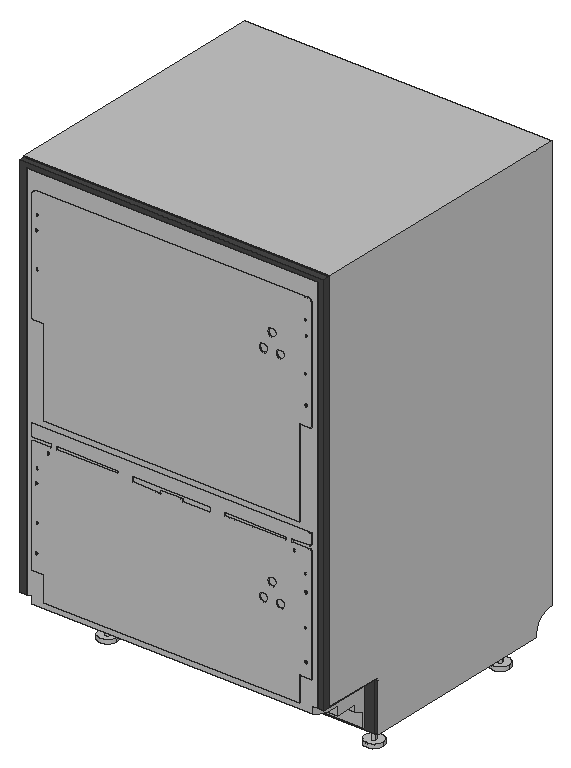
Revit family "FP_Revit_18_DD60DTX6HI1_DishDrawer_90001207A", category Specialty Equipment, Revit 2018
Family settings
  Round Connector Dimension = Use Diameter
  Part Type = Normal
  OmniClass Number = 23.40.40.14.31
  OmniClass Title = Cleaning and Disposal Equipment
  Work Plane-Based = No
  Always vertical = Yes
  Cut with Voids When Loaded = Yes
  Shared = No
  Room Calculation Point = No
Parameters (values of type "DD60DTX6I1")
  Visibility - Toe Kick = no
  Visibility - Door Panel = no
  Visibility - Clearance Required = yes
  URL = "www.fisherpaykel.com"
  Toe Kick - Recess (40mm - 100mm) [instance] = 100 mm
  Product - Width = 599 mm  # constant formula
  Product - Height (864mm - 924mm) [instance] = 900 mm
  Product - Depth = 571 mm  # constant formula
  Panel - Depth [instance] = 18 mm
  Model = "DD60DTX6I1"
  Material - Trim = Fisher & Paykel - Black
  Material - Toe Kick = Fisher & Paykel - Stainless Steel
  Material - Front = Fisher & Paykel - Stainless Steel
  Material - Body = Fisher & Paykel - Grey
  Manufacturer = "Fisher & Paykel Appliances"
  Description = "60cm DishDrawer, Integrated"
  Connector Description - Water = "3/4” BSP (GB20) to suit flat washer"
  Connector Description - Sanitary = "Drain Hose, No Fitting Required"
  Connector Description - Electrical = "220-240 V, 50 Hz, min 8.5 A, fused electrical supply"
  Chassis - Height (855mm Tall or 811mm Std) = 855 mm  # constant formula
  Chassis - Depth = 553 mm  # constant formula
  Cavity - Width = 600 mm  # constant formula
  Cavity - Depth (excluding front panel) = 560 mm  # constant formula
Types (3, lengths in mm): name | Model
  (no name) | "DD60DTX6I1"
  DD60DTX6HI1 | "DD60DTX6HI1"
  DD60DTX6I1 | "DD60DTX6I1"
Reference planes
  plane 1 "Datum": y = 0
  plane 2: z = 0
  plane 3 "Center (Left/Right)": x = 0
  plane 4: z = 0
  plane 5 "Product LHS": x = -299.5
  plane 6 "Product RHS": x = 299.5
  plane 7 "Product - Depth": y = 553
  plane 8 "Cavity LHS": x = -300
  plane 9 "Cavity RHS": x = 300
  plane 10 "Cavity - Depth": y = 560
  plane 11 "Leg Height": z = 45
  plane 12 "Product - Height": z = 900
  plane 13 "Cavity - Height": z = 902
  plane 14 "Door Panel - Depth": y = -18
Forms (mm)
  Extrusion 1, solid, material "Fisher & Paykel - Grey" <- "Material - Body"
    sketch origin (0, 0, 0) x (0, 1, 0) y (0, 0, 1)
      loop
        line (12, 900) -> (12, 146.5) -> (118.15, 146.5)
        arc (118.15, 146.5) -> (125.221, 143.571) -> (128.15, 136.5) r 10
        line (128.15, 136.5) -> (128.15, 45) -> (510.35, 45) -> (510.35, 89.298) -> (553, 89.298) -> (553, 900) -> (12, 900)
    from -299.5 to 299.5
  Extrusion 2, solid, material "Fisher & Paykel - Grey" <- "Material - Body", detail levels fine
    sketch origin (0, 0, 0) x (1, 0, 0) y (0, 0, 1)
      loop
        line (-274, 846.4) -> (-274, 633.176)
        arc (-274, 633.176) -> (-272.536, 629.64) -> (-269, 628.176) r 5
        line (-269, 628.176) -> (-250, 628.176) -> (-250, 458) -> (250, 458) -> (250, 628.907) -> (269, 628.907)
        arc (269, 628.907) -> (272.536, 630.371) -> (274, 633.907) r 5
        line (274, 633.907) -> (274, 846.4)
        arc (274, 846.4) -> (271.071, 853.471) -> (264, 856.4) r 10
        line (264, 856.4) -> (-264, 856.4)
        arc (-264, 856.4) -> (-271.071, 853.471) -> (-274, 846.4) r 10
      loop
        line (-274, 446.676) -> (-274, 427.976)
        arc (-274, 427.976) -> (-272.536, 424.44) -> (-269, 422.976) r 5
        line (-269, 422.976) -> (-235, 422.976) -> (-235, 416.976) -> (-269, 416.976)
        arc (-269, 416.976) -> (-272.536, 415.512) -> (-274, 411.976) r 5
        line (-274, 411.976) -> (-274, 189.476) -> (-250, 189.476) -> (-250, 139.476) -> (250, 139.476) -> (250, 189.476) -> (274, 189.476) -> (274, 411.976)
        arc (274, 411.976) -> (272.536, 415.512) -> (269, 416.976) r 5
        line (269, 416.976) -> (235, 416.976) -> (235, 422.976) -> (269, 422.976)
        arc (269, 422.976) -> (272.536, 424.44) -> (274, 427.976) r 5
        line (274, 427.976) -> (274, 446.676) -> (-274, 446.676)
      loop
        circle (241, 404.875) r 2.5
      loop
        circle (196.5, 333.976) r 8
      loop
        circle (213, 300.976) r 8
      loop
        circle (180, 300.976) r 8
      loop
        circle (262.5, 275.976) r 2.017
      loop
        circle (263.5, 216.576) r 2.612
      loop
        circle (263.5, 338.976) r 2.718
      loop
        circle (262.5, 371.476) r 2
      loop
        circle (-241, 404.875) r 2.5
      loop
        circle (-262.5, 275.976) r 2.017
      loop
        circle (-263.5, 221.576) r 2.612
      loop
        circle (-263.5, 343.976) r 2.718
      loop
        circle (-262.5, 371.476) r 2
      loop
        circle (262.5, 815.676) r 1.941
      loop
        circle (263.5, 788.176) r 2.488
      loop
        circle (262.5, 720.907) r 2
      loop
        circle (263.5, 666.507) r 2.685
      loop
        circle (-262.5, 815.676) r 1.941
      loop
        circle (-263.5, 788.176) r 2.488
      loop
        circle (-262.5, 720.176) r 2
      loop
        line (103, 422.976) -> (103, 416.976) -> (225, 416.976) -> (225, 422.976) -> (103, 422.976)
      loop
        line (-77, 422.976) -> (-77, 411.976) -> (-21, 411.976) -> (-21, 416.976) -> (21, 416.976) -> (21, 411.976) -> (77, 411.976) -> (77, 422.976) -> (-77, 422.976)
      loop
        line (-103, 422.976) -> (-225, 422.976) -> (-225, 416.976) -> (-103, 416.976) -> (-103, 422.976)
      loop
        circle (196.5, 770.907) r 8
      loop
        circle (213, 737.907) r 8
      loop
        circle (180, 737.907) r 8
    from 0 to 0.8
  Extrusion 3, solid, material "Fisher & Paykel - Black" <- "Material - Trim"
    sketch origin (0, 0, 0) x (1, 0, 0) y (0, 0, 1)
      loop
        line (-297.5, 898.541) -> (-297.5, 142.404) -> (-283.999, 142.404) -> (-283.999, 890) -> (284, 890) -> (284, 142.404) -> (297.5, 142.404) -> (297.5, 898.541) -> (-297.5, 898.541)
    from -12 to 0
  Extrusion 4, solid, material "Fisher & Paykel - Grey" <- "Material - Body"
    sketch origin (0, -1.875, 0) x (1, 0, 0) y (0, 1, 0)
      loop
        circle (-260.6, 478.3) r 4
      loop
        circle (-260.6, 170.1) r 4
      loop
        circle (260.6, 478.3) r 4
      loop
        circle (260.6, 170.1) r 4
    from 7 to 45
  Extrusion 5, solid, material "Fisher & Paykel - Grey" <- "Material - Body"
    sketch origin (0, -1.875, 0) x (1, 0, 0) y (0, 1, 0)
      loop
        circle (-260.6, 170.1) r 17.816
      loop
        circle (-260.6, 478.3) r 17.816
      loop
        circle (260.6, 170.1) r 17.816
      loop
        circle (260.6, 478.3) r 17.816
    from 0 to 7
  Sweep 6, solid, material "Fisher & Paykel - Grey" <- "Material - Body", detail levels medium+fine
    path origin (0, 537.938, 0) x (1, 0, 0) y (0, 0, 1)
      loop
        line (-134.5, 89.298) -> (-134.5, 54.132)
        arc (-134.5, 54.132) -> (-140.358, 39.989) -> (-154.5, 34.132) r 20
        line (-154.5, 34.132) -> (-349.5, 34.132)
    profile origin (-134.5, 537.938, 71.715) x (0, -1, 0) y (1, 0, 0)
      loop
        circle (0, 0) r 9
  Sweep 7, solid, material "Fisher & Paykel - Grey" <- "Material - Body", detail levels medium+fine
    path origin (0, 537.938, 0) x (1, 0, 0) y (0, 0, 1)
      loop
        line (-189.5, 89.298) -> (-189.5, 73.507)
        arc (-189.5, 73.507) -> (-195.358, 59.364) -> (-209.5, 53.507) r 20
        line (-209.5, 53.507) -> (-349.5, 53.507)
    profile origin (-189.5, 537.938, 81.402) x (0, -1, 0) y (1, 0, 0)
      loop
        circle (0, 0) r 9
  Sweep 8, solid, material "Fisher & Paykel - Grey" <- "Material - Body", detail levels medium+fine
    path origin (0, 0, 0) x (1, 0, 0) y (0, 0, 1)
      loop
        line (-349.186, 53.851) -> (-218.186, 53.851)
        arc (-218.186, 53.851) -> (-204.044, 59.709) -> (-198.186, 73.851) r 20
        line (-198.186, 73.851) -> (-198.186, 89.298)
    profile origin (-198.186, 0, 81.575) x (-1, 0, 0) y (0, -1, 0)
      loop
        circle (0, -524.105) r 5
  Extrusion 9, solid, material "Fisher & Paykel - Clearance Required", visible <- "Visibility - Clearance Required", detail levels coarse
    sketch origin (0, 0, 0) x (0, 1, 0) y (0, 0, 1)
      loop
        line (-18, 0) -> (-18, 449.976) -> (-545, 449.976) -> (-545, 380.976) -> (-586, 380.976) -> (-586, 364.973) -> (-545, 364.973) -> (-545, 0) -> (-18, 0)
      loop
        line (-18, 458) -> (-18, 900) -> (-545, 900) -> (-545, 831) -> (-586, 831) -> (-586, 814.997) -> (-545, 814.997) -> (-545, 458) -> (-18, 458)
    from -300 to 300
  Extrusion 10, solid, material "Fisher & Paykel - Clearance Required", visible <- "Visibility - Clearance Required", detail levels coarse
    sketch origin (0, 0, 0) x (1, 0, 0) y (0, 1, 0)
      loop
        line (300, 560) -> (-300, 560) -> (-300, -18) -> (300, -18) -> (300, 560)
    from 0 to 902
  Extrusion 11, void
    sketch origin (0, 0, 0) x (1, 0, 0) y (0, 1, 0)
      loop
        line (-300, -18) -> (300, -18) -> (300, 560) -> (-300, 560) -> (-300, -18)
    from 0 to 902
  Extrusion 12, solid, material "Fisher & Paykel - Grey" <- "Material - Body"
    sketch origin (0, 0, 0) x (1, 0, 0) y (0, 0, 1)
      loop
        line (-283.999, 890) -> (-283.999, 142.404) -> (284, 142.404) -> (284, 890) -> (-283.999, 890)
    from -12 to 0
  Extrusion 13, solid, material "Fisher & Paykel - Grey" <- "Material - Body"
    sketch origin (0, 0, 0) x (0, 1, 0) y (0, 0, 1)
      loop
        line (124.15, 50.492) -> (124.15, 142.404) -> (0, 142.404) -> (0, 129.265)
        arc (0, 129.265) -> (17.333, 121.771) -> (35.586, 116.932) r 126.919
        line (35.586, 116.932) -> (61.053, 116.932) -> (61.053, 99.582) -> (103.548, 99.582) -> (103.548, 88.084) -> (122.346, 77.363) -> (122.346, 50.492) -> (124.15, 50.492)
    from -275 to 275
  Extrusion 14, solid, material "Fisher & Paykel - Grey" <- "Material - Body", detail levels fine
    sketch origin (0, 0, 0) x (0, 1, 0) y (0, 0, 1)
      loop
        arc (545.956, 79.845) -> (549.529, 81.356) -> (550.933, 84.972) r 4.979
        line (550.933, 84.972) -> (550.933, 89.298) -> (510.35, 89.298) -> (510.35, 61.689) -> (530.184, 79.845) -> (545.956, 79.845)
    from -229.8 to -91.607
  Sweep 15, solid, material "Fisher & Paykel - Grey" <- "Material - Body", detail levels medium+fine
    path origin (0, 0, 0) x (1, 0, 0) y (0, 1, 0)
      loop
        line (-47.875, 510.35) -> (-47.875, 529.222)
        arc (-47.875, 529.222) -> (-52.269, 539.828) -> (-62.875, 544.222) r 15
        line (-62.875, 544.222) -> (-349.5, 544.222)
    profile origin (-47.875, 519.786, 0) x (-1, 0, 0) y (0, 0, 1)
      loop
        circle (0, 69.3) r 5
  Extrusion 16, solid, material "Fisher & Paykel - Black" <- "Material - Trim", detail levels fine
    sketch origin (0, 0, 0) x (0, 1, 0) y (0, 0, 1)
      loop
        line (128.15, 48.091) -> (128.15, 136.5)
        arc (128.15, 136.5) -> (125.221, 143.571) -> (118.15, 146.5) r 10
        line (118.15, 146.5) -> (12, 146.5) -> (12, 142.404) -> (124.15, 142.404) -> (124.15, 48.091) -> (128.15, 48.091)
    from -297.5 to 297.5
  Extrusion 17, solid, material "Fisher & Paykel - Grey" <- "Material - Body"
    sketch origin (0, 0, 0) x (0, 1, 0) y (0, 0, 1)
      loop
        line (510.35, 89.298) -> (510.35, 45) -> (514.35, 45)
        arc (514.35, 45) -> (525.48, 73.009) -> (553, 85.298) r 40
        line (553, 85.298) -> (553, 89.298) -> (510.35, 89.298)
    from 288.5 to 299.5
  Extrusion 18, solid, material "Fisher & Paykel - Grey" <- "Material - Body"
    sketch origin (0, 0, 0) x (0, 1, 0) y (0, 0, -1)
      loop
        line (510.35, -89.298) -> (553, -89.298) -> (553, -85.298)
        arc (553, -85.298) -> (525.48, -73.009) -> (514.35, -45) r 40
        line (514.35, -45) -> (510.35, -45) -> (510.35, -89.298)
    from 288.5 to 299.5
  Extrusion 19, solid, material "Fisher & Paykel - Stainless Steel" <- "Material - Front", visible <- "Visibility - Door Panel", detail levels fine
    sketch origin (0, 0, 0) x (1, 0, 0) y (0, 0, 1)
      loop
        line (-298, 900) -> (-298, 458) -> (298, 458) -> (298, 900) -> (-298, 900)
      loop
        line (-298, 449.976) -> (-298, 138.976) -> (298, 138.976) -> (298, 449.976) -> (-298, 449.976)
    from 0.8 to 18
  Extrusion 20, solid, material "Fisher & Paykel - Grey", visible <- "Visibility - Toe Kick"
    sketch origin (0, 0, 0) x (0, 1, 0) y (0, 0, 1)
      loop
        line (100, 12) -> (100, 116.932) -> (82, 116.932) -> (82, 12) -> (100, 12)
    from -297.5 to 297.5
Cuts and joins
  joined: Extrusion 1, Extrusion 17, Extrusion 18
  joined: Extrusion 12, Extrusion 13
Text (mm)
  text "Due to ongoing product development, product details are subject to change without notice. \nPlease always refer to www.fisherpaykel.com for the most current product information. \n© Fisher & Paykel 2020" at (41.04, -690.05, 0), in view "Ref. Level (Plan)"
Dimensions and locks
  equal spacing: plane 5 "Product LHS", plane 3 "Center (Left/Right)", plane 6 "Product RHS"
  "Product - Width": plane 5 "Product LHS" to plane 6 "Product RHS"
  "Chassis - Depth": plane 1 "Datum" to plane 7 "Product - Depth"
  equal spacing: plane 8 "Cavity LHS", plane 3 "Center (Left/Right)", plane 9 "Cavity RHS"
  "Cavity - Width": plane 8 "Cavity LHS" to plane 9 "Cavity RHS"
  Extrusion 1 sketch curve to Extrusion 1 sketch curve = 855 mm
  Extrusion 2 sketch curve to plane 11 "Leg Height" = 401.676 mm
  "Chassis - Height (855mm Tall or 811mm Std)": plane 12 "Product - Height" to plane 11 "Leg Height"
  Extrusion 2 sketch curve to plane 11 "Leg Height" = 583.176 mm
  locked: plane 12 "Product - Height" to Extrusion 2 sketch curve at 43.6
  "Product - Height (864mm - 924mm)": plane 12 "Product - Height" to level
  plane 12 "Product - Height" to Extrusion 2 = 43.6 mm
  Extrusion 2 to plane 11 "Leg Height" = 401.676 mm
  Extrusion 2 to plane 11 "Leg Height" = 413 mm
  locked: plane 13 "Cavity - Height" to plane 12 "Product - Height" at 2
  "Panel - Depth": plane 14 "Door Panel - Depth" to plane 1 "Datum"
  plane 14 "Door Panel - Depth" to plane 7 "Product - Depth" = 571 mm
  locked: plane 11 "Leg Height" to Sweep 15 sketch curve at 24.3
  equal spacing: Extrusion 19 sketch curve, plane 3 "Center (Left/Right)", Extrusion 19 sketch curve
  locked: Extrusion 19 sketch curve to Extrusion 19 sketch curve at 442
  locked: Extrusion 19 sketch curve to Extrusion 19 sketch curve at 311
  locked: Extrusion 19 sketch curve to Extrusion 19 sketch curve at 8.024
  locked: Extrusion 19 sketch curve to Extrusion 19 sketch curve at 596
  plane 12 "Product - Height" to Extrusion 19 sketch curve = 0 mm
  locked: plane 11 "Leg Height" to cut or joined group of Extrusion 12, Extrusion 13 at 71.932
  locked: Extrusion 9 to Extrusion 20 sketch curve at 12
  "Panel - Depth": Extrusion 20 to Extrusion 20
  "Toe Kick - Recess (40mm - 100mm)": plane 14 "Door Panel - Depth" to Extrusion 20
  "Cavity - Depth (excluding front panel)": plane 1 "Datum" to plane 10 "Cavity - Depth"
  aligned and locked: level to plane 2
  aligned and locked: Extrusion 1 sketch curve to plane 11 "Leg Height"
  aligned and locked: Extrusion 4 to Extrusion 5
  aligned and locked: plane 12 "Product - Height" to Extrusion 1
  aligned and locked: Extrusion 9 to plane 9 "Cavity RHS"
  aligned and locked: plane 8 "Cavity LHS" to Extrusion 9
  aligned and locked: Extrusion 10 sketch curve to plane 8 "Cavity LHS"
  aligned and locked: Extrusion 10 sketch curve to plane 9 "Cavity RHS"
  aligned and locked: plane 10 "Cavity - Depth" to Extrusion 10 sketch curve
  aligned and locked: Extrusion 4 to Extrusion 1
  aligned and locked: plane 13 "Cavity - Height" to Extrusion 11
  aligned and locked: Extrusion 9 to level
  aligned and locked: Extrusion 14 to Extrusion 1
  aligned and locked: Extrusion 17 sketch curve to Extrusion 1
  aligned and locked: cut or joined group of Extrusion 1, Extrusion 17, Extrusion 18 to Sweep 6 sketch curve
  aligned and locked: cut or joined group of Extrusion 1, Extrusion 17, Extrusion 18 to Sweep 7 sketch curve
  aligned and locked: Sweep 7 to Sweep 8 sketch curve
  aligned and locked: Extrusion 19 sketch curve to Extrusion 19 sketch curve  (x2)
  aligned and locked: Extrusion 19 to Extrusion 9  (x2)
  aligned and locked: Extrusion 11 to Extrusion 19
  aligned and locked: Extrusion 9 to Extrusion 2
  aligned and locked: Extrusion 9 to Extrusion 19
  aligned and locked: Extrusion 10 to Extrusion 9
  aligned and locked: Extrusion 11 to Extrusion 9
  aligned and locked: plane 14 "Door Panel - Depth" to Extrusion 19
  aligned and locked: plane 12 "Product - Height" to Extrusion 9
  aligned and locked: Extrusion 10 to Extrusion 11
Automatic sketch dimensions
  Extrusion 1 sketch curve to plane 7 "Product - Depth" = 0 mm
  Extrusion 1 sketch curve to plane 7 "Product - Depth" = 42.65 mm
  Extrusion 1 sketch curve to plane 1 "Datum" = 128.15 mm
  Extrusion 1 sketch curve to Extrusion 1 sketch curve = 10 mm
  Extrusion 1 sketch curve to plane 1 "Datum" = 12 mm
  Extrusion 1 sketch curve to plane 11 "Leg Height" = 44.298 mm
  Extrusion 1 sketch curve to plane 11 "Leg Height" = 91.5 mm
  Extrusion 2 sketch curve to plane 5 "Product LHS" = 25.5 mm  (x3)
  Extrusion 2 sketch curve to Extrusion 2 sketch curve = 5 mm  (x7)
  Extrusion 2 sketch curve to Extrusion 2 sketch curve = 10 mm  (x3)
  Extrusion 2 sketch curve to plane 5 "Product LHS" = 36 mm  (x2)
  Extrusion 2 sketch curve to Extrusion 2 sketch curve = 10.5 mm
  Extrusion 2 sketch curve to Extrusion 2 sketch curve = 1 mm  (x4)
  Extrusion 2 sketch curve to plane 5 "Product LHS" = 37 mm  (x2)
  Extrusion 2 sketch curve to Extrusion 2 sketch curve = 24 mm  (x2)
  Extrusion 2 sketch curve to plane 5 "Product LHS" = 49.5 mm
  Extrusion 2 sketch curve to Extrusion 2 sketch curve = 28 mm
  Extrusion 2 sketch curve to Extrusion 2 sketch curve = 6 mm  (x7)
  Extrusion 2 sketch curve to plane 3 "Center (Left/Right)" = 103 mm
  Extrusion 2 sketch curve to Extrusion 2 sketch curve = 26 mm  (x2)
  Extrusion 2 sketch curve to plane 3 "Center (Left/Right)" = 21 mm
  plane 3 "Center (Left/Right)" to Extrusion 2 sketch curve = 21 mm
  Extrusion 2 sketch curve to Extrusion 2 sketch curve = 56 mm
  plane 6 "Product RHS" to Extrusion 2 sketch curve = 119.5 mm  (x2)
  Extrusion 2 sketch curve to Extrusion 2 sketch curve = 16.5 mm  (x2)
  Extrusion 2 sketch curve to Extrusion 2 sketch curve = 33 mm  (x4)
  plane 6 "Product RHS" to Extrusion 2 sketch curve = 74.5 mm
  plane 6 "Product RHS" to Extrusion 2 sketch curve = 49.5 mm  (x2)
  plane 6 "Product RHS" to Extrusion 2 sketch curve = 37 mm  (x4)
  Extrusion 2 sketch curve to Extrusion 2 sketch curve = 13.5 mm
  plane 6 "Product RHS" to Extrusion 2 sketch curve = 36 mm
  Extrusion 2 sketch curve to Extrusion 2 sketch curve = 1.5 mm
  plane 6 "Product RHS" to Extrusion 2 sketch curve = 30.5 mm
  Extrusion 2 sketch curve to Extrusion 2 sketch curve = 19 mm
  Extrusion 2 sketch curve to Extrusion 2 sketch curve = 0 mm  (x6)
  Extrusion 2 sketch curve to Extrusion 2 sketch curve = 18.7 mm  (x2)
  Extrusion 2 sketch curve to Extrusion 2 sketch curve = 11 mm
  Extrusion 2 sketch curve to Extrusion 2 sketch curve = 12.101 mm  (x2)
  Extrusion 2 sketch curve to Extrusion 2 sketch curve = 33.399 mm  (x2)
  Extrusion 2 sketch curve to Extrusion 2 sketch curve = 27.5 mm  (x3)
  Extrusion 2 sketch curve to Extrusion 2 sketch curve = 32.5 mm
  Extrusion 2 sketch curve to Extrusion 2 sketch curve = 68 mm
  Extrusion 2 sketch curve to Extrusion 2 sketch curve = 25 mm
  Extrusion 2 sketch curve to Extrusion 2 sketch curve = 54.4 mm  (x2)
  Extrusion 2 sketch curve to Extrusion 2 sketch curve = 59.4 mm
  Extrusion 2 sketch curve to Extrusion 2 sketch curve = 27.1 mm
  Extrusion 2 sketch curve to Extrusion 2 sketch curve = 32.1 mm
  Extrusion 2 sketch curve to Extrusion 2 sketch curve = 50 mm
  Extrusion 2 sketch curve to Extrusion 2 sketch curve = 11.324 mm
  Extrusion 2 sketch curve to Extrusion 2 sketch curve = 170.907 mm
  Extrusion 2 sketch curve to Extrusion 2 sketch curve = 32.6 mm
  Extrusion 2 sketch curve to Extrusion 2 sketch curve = 87 mm
  Extrusion 2 sketch curve to Extrusion 2 sketch curve = 17 mm
  Extrusion 2 sketch curve to Extrusion 2 sketch curve = 58.224 mm  (x2)
  Extrusion 3 sketch curve to plane 5 "Product LHS" = 2 mm
  Extrusion 3 sketch curve to plane 5 "Product LHS" = 15.501 mm
  plane 6 "Product RHS" to Extrusion 3 sketch curve = 15.5 mm
  plane 6 "Product RHS" to Extrusion 3 sketch curve = 2 mm
  Extrusion 3 sketch curve to plane 11 "Leg Height" = 97.404 mm  (x2)
  Extrusion 3 sketch curve to plane 12 "Product - Height" = 10 mm
  Extrusion 3 sketch curve to plane 12 "Product - Height" = 1.459 mm
  Extrusion 4 sketch curve to plane 5 "Product LHS" = 38.9 mm  (x2)
  plane 6 "Product RHS" to Extrusion 4 sketch curve = 38.9 mm  (x2)
  Extrusion 4 sketch curve to plane 1 "Datum" = 168.225 mm  (x2)
  Extrusion 4 sketch curve to plane 7 "Product - Depth" = 76.575 mm  (x2)
  Extrusion 5 sketch curve to plane 5 "Product LHS" = 38.9 mm  (x2)
  plane 6 "Product RHS" to Extrusion 5 sketch curve = 38.9 mm  (x2)
  Extrusion 5 sketch curve to plane 1 "Datum" = 168.225 mm  (x2)
  Extrusion 5 sketch curve to plane 7 "Product - Depth" = 76.575 mm  (x2)
  Sweep 6 sketch curve to profile plane = 0 mm
  profile plane to Sweep 6 sketch curve = 0 mm
  Sweep 7 sketch curve to profile plane = 0 mm
  profile plane to Sweep 7 sketch curve = 0 mm
  Sweep 8 sketch curve to profile plane = 0 mm
  Sweep 8 sketch curve to plane 1 "Datum" = 524.105 mm
  Extrusion 11 sketch curve to plane 8 "Cavity LHS" = 0 mm
  Extrusion 11 sketch curve to plane 9 "Cavity RHS" = 0 mm
  Extrusion 11 sketch curve to plane 14 "Door Panel - Depth" = 0 mm
  Extrusion 11 sketch curve to plane 10 "Cavity - Depth" = 0 mm
  Extrusion 12 sketch curve to plane 5 "Product LHS" = 15.501 mm
  plane 6 "Product RHS" to Extrusion 12 sketch curve = 15.5 mm
  Extrusion 12 sketch curve to plane 11 "Leg Height" = 97.404 mm
  Extrusion 12 sketch curve to plane 12 "Product - Height" = 10 mm
  Extrusion 13 sketch curve to plane 1 "Datum" = 0 mm
  Extrusion 13 sketch curve to plane 1 "Datum" = 35.586 mm
  Extrusion 13 sketch curve to plane 1 "Datum" = 58.892 mm
  Extrusion 13 sketch curve to Extrusion 13 sketch curve = 25.467 mm
  Extrusion 13 sketch curve to Extrusion 13 sketch curve = 42.495 mm
  Extrusion 13 sketch curve to plane 11 "Leg Height" = 32.363 mm
  Extrusion 13 sketch curve to Extrusion 13 sketch curve = 18.798 mm
  Extrusion 13 sketch curve to Extrusion 13 sketch curve = 20.602 mm
  Extrusion 13 sketch curve to plane 11 "Leg Height" = 5.492 mm
  Extrusion 13 sketch curve to Extrusion 13 sketch curve = 10.721 mm
  Extrusion 13 sketch curve to Extrusion 13 sketch curve = 11.498 mm
  Extrusion 13 sketch curve to Extrusion 13 sketch curve = 17.35 mm
  Extrusion 13 sketch curve to Extrusion 13 sketch curve = 12.332 mm
  Extrusion 13 sketch curve to Extrusion 13 sketch curve = 13.139 mm
  Extrusion 14 sketch curve to plane 7 "Product - Depth" = 42.65 mm
  Extrusion 14 sketch curve to Extrusion 14 sketch curve = 19.834 mm
  Extrusion 14 sketch curve to plane 7 "Product - Depth" = 7.044 mm
  Extrusion 14 sketch curve to plane 7 "Product - Depth" = 2.067 mm
  Extrusion 14 sketch curve to plane 11 "Leg Height" = 16.689 mm
  Extrusion 14 sketch curve to Extrusion 14 sketch curve = 18.156 mm
  Extrusion 14 sketch curve to Extrusion 14 sketch curve = 4.979 mm
  Extrusion 14 sketch curve to Extrusion 14 sketch curve = 4.326 mm
  Sweep 15 sketch curve to plane 7 "Product - Depth" = 8.778 mm
  Sweep 15 sketch curve to plane 3 "Center (Left/Right)" = 62.875 mm
  Sweep 15 sketch curve to Sweep 15 sketch curve = 15 mm
  plane 8 "Cavity LHS" to Sweep 15 sketch curve = 49.5 mm
  Sweep 15 sketch curve to Sweep 15 sketch curve = 18.872 mm
  Sweep 15 sketch curve to profile plane = 0 mm
  Extrusion 16 sketch curve to plane 1 "Datum" = 12 mm
  Extrusion 16 sketch curve to Extrusion 16 sketch curve = 106.15 mm
  Extrusion 16 sketch curve to plane 11 "Leg Height" = 3.091 mm
  Extrusion 16 sketch curve to Extrusion 16 sketch curve = 6 mm
  Extrusion 16 sketch curve to Extrusion 16 sketch curve = 4 mm
  Extrusion 16 sketch curve to Extrusion 16 sketch curve = 88.409 mm
  Extrusion 16 sketch curve to Extrusion 16 sketch curve = 4.096 mm
  plane 11 "Leg Height" to Extrusion 17 sketch curve = 0 mm
  Extrusion 17 sketch curve to plane 7 "Product - Depth" = 0 mm
  Extrusion 17 sketch curve to Extrusion 17 sketch curve = 4 mm  (x2)
  Extrusion 17 sketch curve to plane 11 "Leg Height" = 0.321 mm
  plane 7 "Product - Depth" to Extrusion 17 sketch curve = 1.349 mm
  plane 11 "Leg Height" to Extrusion 18 sketch curve = 0 mm
  Extrusion 18 sketch curve to plane 7 "Product - Depth" = 0 mm
  Extrusion 18 sketch curve to plane 7 "Product - Depth" = 38.65 mm
  Extrusion 18 sketch curve to Extrusion 18 sketch curve = 42.65 mm
  Extrusion 18 sketch curve to plane 11 "Leg Height" = 0.321 mm
  plane 7 "Product - Depth" to Extrusion 18 sketch curve = 1.349 mm
  Extrusion 18 sketch curve to Extrusion 18 sketch curve = 4 mm
  plane 11 "Leg Height" to Sweep 6 sketch curve = 10.868 mm
  Sweep 6 sketch curve to plane 5 "Product LHS" = 145 mm
  Sweep 6 sketch curve to plane 11 "Leg Height" = 9.132 mm
  plane 8 "Cavity LHS" to Sweep 6 sketch curve = 49.5 mm
  Sweep 7 sketch curve to plane 11 "Leg Height" = 8.507 mm
  Sweep 7 sketch curve to plane 5 "Product LHS" = 90 mm
  plane 8 "Cavity LHS" to Sweep 7 sketch curve = 49.5 mm
  Sweep 7 sketch curve to Sweep 7 sketch curve = 15.792 mm
  Sweep 8 sketch curve to plane 11 "Leg Height" = 8.851 mm
  Sweep 8 sketch curve to plane 5 "Product LHS" = 81.314 mm
  plane 8 "Cavity LHS" to Sweep 8 sketch curve = 49.186 mm
  Sweep 8 sketch curve to Sweep 8 sketch curve = 15.447 mm
  Extrusion 10 sketch curve to plane 14 "Door Panel - Depth" = 0 mm
  Extrusion 9 sketch curve to level = 0 mm
  Extrusion 9 sketch curve to plane 12 "Product - Height" = 0 mm
  Extrusion 9 sketch curve to plane 14 "Door Panel - Depth" = 0 mm  (x2)
  plane 14 "Door Panel - Depth" to Extrusion 9 sketch curve = 527 mm
  Extrusion 9 sketch curve to Extrusion 9 sketch curve = 0 mm  (x2)
  Extrusion 9 sketch curve to Extrusion 9 sketch curve = 41 mm  (x3)
  Extrusion 9 sketch curve to plane 11 "Leg Height" = 319.973 mm
  Extrusion 9 sketch curve to Extrusion 9 sketch curve = 16.003 mm  (x2)
  Extrusion 9 sketch curve to Extrusion 9 sketch curve = 69 mm
  Extrusion 9 sketch curve to Extrusion 9 sketch curve = 85.003 mm
  Extrusion 20 sketch curve to plane 1 "Datum" = 82 mm
  Extrusion 20 sketch curve to Extrusion 20 sketch curve = 18 mm
  Extrusion 20 sketch curve to plane 11 "Leg Height" = 71.932 mm
  Extrusion 9 sketch curve to Extrusion 9 sketch curve = 8.024 mm
  radius of Extrusion 2 sketch curve = 2.5 mm  (x2)
  radius of Extrusion 2 sketch curve = 8 mm  (x6)
  radius of Extrusion 2 sketch curve = 2.017 mm  (x2)
  radius of Extrusion 2 sketch curve = 2.612 mm  (x2)
  radius of Extrusion 2 sketch curve = 2.718 mm  (x2)
  radius of Extrusion 2 sketch curve = 2 mm  (x4)
  radius of Extrusion 2 sketch curve = 1.941 mm  (x2)
  radius of Extrusion 2 sketch curve = 2.488 mm  (x2)
  radius of Extrusion 2 sketch curve = 2.685 mm
  radius of Extrusion 4 sketch curve = 4 mm  (x4)
  radius of Extrusion 5 sketch curve = 17.816 mm  (x4)
  radius of Sweep 6 sketch curve = 9 mm
  radius of Sweep 7 sketch curve = 9 mm
  radius of Sweep 8 sketch curve = 5 mm
  radius of Sweep 15 sketch curve = 5 mm
Connectors
  piping at (-349.186, 524.105, 53.851), diameter 10, driven by "Connector Description - Water"
    settings: on Sweep 8, index 2, connector inside diameter 609.6 mm, connector length 0 mm, flow factor 0, pipe flow 0.0 L/s, pressure drop 0.0 Pa, fitting loss kfactor 0, connector angle 0.00°, fixture units 0, engagement length 0 mm, angle of deflection 0.00°, flow configuration 0, flow direction 1, fitting loss method 0, system type 20, joint type 0, gender type 0, connector reference index -1, connector utility 0, adjustable connector no, is connector primary yes, connector description "3/4” BSP (GB20) to suit flat washer"
  piping at (-349.5, 537.938, 53.507), diameter 15.9, driven by "Connector Description - Sanitary"
    settings: on Sweep 7, index 3, connector inside diameter 609.6 mm, connector length 0 mm, flow factor 0, pipe flow 0.0 L/s, pressure drop 0.0 Pa, fitting loss kfactor 0, connector angle 0.00°, fixture units 0, engagement length 0 mm, angle of deflection 0.00°, flow configuration 0, flow direction 2, fitting loss method 0, system type 16, joint type 0, gender type 0, connector reference index -1, connector utility 0, adjustable connector no, is connector primary no, connector description "Drain Hose, No Fitting Required"
  piping at (-349.5, 537.938, 34.132), diameter 15.9, driven by "Connector Description - Sanitary"
    settings: on Sweep 6, index 4, connector inside diameter 609.6 mm, connector length 0 mm, flow factor 0, pipe flow 0.0 L/s, pressure drop 0.0 Pa, fitting loss kfactor 0, connector angle 0.00°, fixture units 0, engagement length 0 mm, angle of deflection 0.00°, flow configuration 0, flow direction 2, fitting loss method 0, system type 16, joint type 0, gender type 0, connector reference index -1, connector utility 0, adjustable connector no, is connector primary no, connector description "Drain Hose, No Fitting Required"
  electrical at (-349.5, 544.222, 69.3), driven by "Connector Description - Electrical"
    settings: on Sweep 15, index 5, voltage 230 V, apparent load 0 VA, apparent load phase1 0 VA, apparent load phase2 0 VA, apparent load phase3 0 VA, power factor 1, load classification "Other", number of poles 1, system type 30, power factor state 1, is connector primary yes, connector utility no, sub classification motor no, connector description "220-240 V, 50 Hz, min 8.5 A, fused electrical supply"
